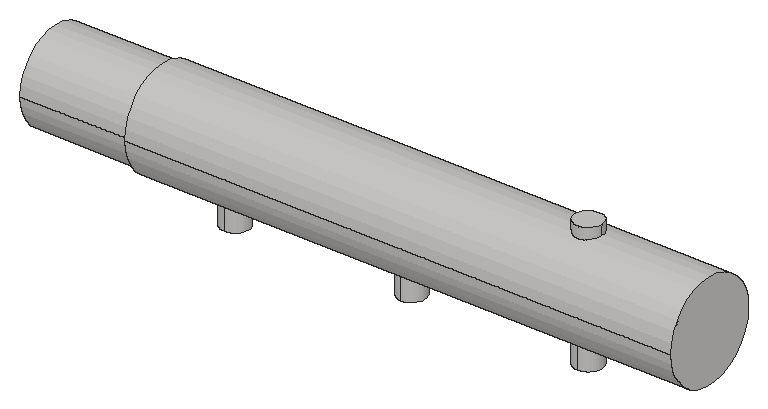
Revit family "BIMLIB_Коллектор_462_3_РОСТерм", category Оборудование, Revit 2017
Family settings
  Размер круглого соединителя = Использовать диаметр
  Тип детали = Нормальный
  На основе рабочей плоскости = Нет
  Всегда вертикально = Да
  При загрузке вырезать с полостями = Нет
  Общий = Нет
  Точка расчета площади = Нет
Parameters (values of type "Коллектор HEIZEN 462 Ду50 на 3 выхода")
  РТ_Шаг = 100 mm
  РТ_l = 100 mm  # constant formula
  РТ_R1 = РТ_R + 5 mm  # 32 mm
  РТ_R = 27 mm
  РТ_R_низ = РТ_DN_низ / 2  # 7.5 mm
  РТ_DN3 = 15 mm  # constant formula
  Описание = "Коллекторы Heizen изготовлены из высококачественной латуни и нержавеющей стали, что исключает риск протечек. Коллекторы могут быть оснащены различными видами арматуры: ручными балансировочными клапанами,ручными запорными клапанами, термостатическими клапанами, расходомерами, воздухоотводчиками и дренажными кранами."
  РТ_DN_низ = 15 mm  # constant formula
  РТ_DN_бок = 50 mm
  Изготовитель = "РОСТерм"  # constant formula
  URL = "http://rostherm.ru/"
  BL_Разработано = "support@bimlib.ru"  # constant formula
  BL_Email = "rostherm@bimlib.ru"  # constant formula
  BL_BIM library = "https://bimlib.pro/manufacturer/rosterm/1632/"
  ADSK_Расход жидкости [instance] = 0.0 L/s
  ADSK_Примечание = ""
  ADSK_Позиция = ""
  ADSK_Обозначение = "ГОСТ 12.2.063-2015"  # constant formula
  ADSK_Наименование краткое = "HEIZEN 462 Ду50"
  ADSK_Наименование = "Коллектор HEIZEN 462 для систем отопения, горячего и холодного водоснабжения сварной Ду50 на 3 выхода"
  ADSK_Материал = BIMLIB_Нержавеющая_сталь_РОСТерм
  ADSK_Масса_Текст = ""
  ADSK_Масса = 0
  ADSK_Марка = "HEIZEN 462"  # constant formula
  ADSK_Код изделия = "462-50-10-03"
  ADSK_Завод-изготовитель = "Heizen"  # constant formula
  ADSK_Единица измерения = "шт."  # constant formula
  ADSK_Версия Revit = "2017"  # constant formula
  ADSK_URL страницы изделия = "http://rostherm.ru/kollektory/"
  ADSK_URL документации изделия = "http://rostherm.ru/"
Types (4, lengths in mm): name | РТ_R1 | РТ_R | РТ_DN_бок | ADSK_Наименование краткое | ADSK_Наименование | ADSK_Код изделия
  Коллектор HEIZEN 462 Ду50 на 3 выхода | 32 | 27 | 50 | "HEIZEN 462 Ду50" | "Коллектор HEIZEN 462 для систем отопения, горячего и холодного водоснабжения сварной Ду50 на 3 выхода" | "462-50-10-03"
  Коллектор HEIZEN 462 Ду40 на 3 выхода | 27 | 22 | 40 | "HEIZEN 462 Ду40" | "Коллектор HEIZEN 462 для систем отопения, горячего и холодного водоснабжения сварной Ду40 на 3 выхода" | "462-40-10-03"
  Коллектор HEIZEN 462 Ду32 на 3 выхода | 23 | 18 | 32 | "HEIZEN 462 Ду32" | "Коллектор HEIZEN 462 для систем отопения, горячего и холодного водоснабжения сварной Ду32 на 3 выхода" | "462-32-10-03"
  Коллектор HEIZEN 462 Ду25 на 3 выхода | 20 | 15 | 25 | "HEIZEN 462 Ду25" | "Коллектор HEIZEN 462 для систем отопения, горячего и холодного водоснабжения сварной Ду25 на 3 выхода" | "462-25-10-03"
Reference planes
  plane 1 "По центру (Вперед/Назад)": y = 0
  plane 2: z = 0
  plane 3 "По центру (Влево/Вправо)": x = 0
  plane 4: x = 100
  plane 5: x = 1185
  plane 6: x = 60
  plane 7: z = 32
Forms (mm)
  Extrusion 1, solid, material "BIMLIB_Нержавеющая_сталь_РОСТерм" <- "ADSK_Материал", detail levels medium+fine
    sketch origin (65, 0, 0) x (0, 1, 0) y (0, 0, 1)
      loop
        circle (0, 0) r 27
    from -5 to 300
  Sweep 2, solid, material "BIMLIB_Нержавеющая_сталь_РОСТерм" <- "ADSK_Материал", detail levels medium+fine
    path origin (65, 0, 7.5) x (1, 0, 0) y (0, 0, 1)
      loop
        line (35, -7.5) -> (35, -47.5)
    profile origin (100, 0, -20) x (0, -1, 0) y (1, 0, 0)
      loop
        circle (0, 0) r 7.5
  Sweep 3, solid, material "BIMLIB_Нержавеющая_сталь_РОСТерм" <- "ADSK_Материал", detail levels medium+fine
    path origin (163.636, 0, 7.5) x (1, 0, 0) y (0, 0, 1)
      loop
        line (35, -7.5) -> (35, -47.5)
    profile origin (198.636, 0, -20) x (0, -1, 0) y (1, 0, 0)
      loop
        circle (0, 0) r 7.5
  Sweep 4, solid, material "BIMLIB_Нержавеющая_сталь_РОСТерм" <- "ADSK_Материал", detail levels medium+fine
    path origin (262.273, 0, 7.5) x (1, 0, 0) y (0, 0, 1)
      loop
        line (35, -7.5) -> (35, -47.5)
    profile origin (297.273, 0, -20) x (0, -1, 0) y (1, 0, 0)
      loop
        circle (0, 0) r 7.5
  Extrusion 5, solid, material "BIMLIB_Нержавеющая_сталь_РОСТерм" <- "ADSK_Материал", detail levels medium+fine
    sketch origin (50, 0, 0) x (0, 1, 0) y (0, 0, 1)
      loop
        circle (0, 0) r 25
    from -50 to 10
  Extrusion 6, solid, material "BIMLIB_Нержавеющая_сталь_РОСТерм" <- "ADSK_Материал", detail levels medium+fine
    sketch origin (-887.727, 0, 0) x (1, 0, 0) y (0, 1, 0)
      loop
        circle (1185, 0) r 7.5
    from 0 to 32
Lines and regions (mm)
  model lines, detail levels coarse
    curve 1: line (0, 0, 0) -> (365, 0, 0)
    curve 2: line (100, 0, 0) -> (100, 0, -40)
    curve 3: line (198.636, 0, 0) -> (198.636, 0, -40)
    curve 4: line (297.273, 0, 0) -> (297.273, 0, -40)
Dimensions and locks
  "РТ_l": plane 4 to plane 3 "По центру (Влево/Вправо)"
  Sweep 2 sketch curve to Sweep 2 sketch curve = 40 mm
  Sweep 3 sketch curve to Sweep 3 sketch curve = 40 mm
  Sweep 4 sketch curve to Sweep 4 sketch curve = 40 mm
  locked: plane 4 to plane 6 at 40
  "РТ_R1": plane 7 to level
  "РТ_R": radius of Extrusion 1 sketch curve
  "РТ_R_низ": radius of Sweep 2 sketch curve
  "РТ_R_низ": radius of Sweep 3 sketch curve
  "РТ_R_низ": radius of Sweep 4 sketch curve
  "РТ_DN_бок": diameter of Extrusion 5 sketch curve
  "РТ_DN_низ": diameter of Extrusion 6 sketch curve
  aligned and locked: level to plane 2
  aligned and locked: Extrusion 1 to plane 6
  aligned and locked: Extrusion 5 to plane 3 "По центру (Влево/Вправо)"
  aligned and locked: Extrusion 5 to Extrusion 1
  aligned and locked: plane 7 to Extrusion 6
  aligned and locked: curve 1 to Extrusion 1
Automatic sketch dimensions
  Sweep 2 sketch curve to profile plane = 0 mm
  profile plane to Sweep 2 sketch curve = 0 mm
  Sweep 3 sketch curve to profile plane = 0 mm
  profile plane to Sweep 3 sketch curve = 0 mm
  Sweep 4 sketch curve to profile plane = 0 mm
  profile plane to Sweep 4 sketch curve = 0 mm
  Extrusion 1 sketch curve to level = 0 mm
  Extrusion 1 sketch curve to plane 1 "По центру (Вперед/Назад)" = 0 mm
  curve 1 to plane 3 "По центру (Влево/Вправо)" = 0 mm
  curve 2 to plane 4 = 0 mm
  curve 2 to curve 3 = 98.636 mm
  curve 3 to curve 4 = 98.636 mm
  curve 4 to curve 1 = 67.727 mm
  curve 4 to curve 4 = 40 mm
  curve 2 to curve 2 = 40 mm
  curve 3 to curve 3 = 40 mm
  plane 1 "По центру (Вперед/Назад)" to Extrusion 6 sketch curve = 0 mm
  plane 4 to Extrusion 6 sketch curve = 197.273 mm
  Extrusion 5 sketch curve to level = 0 mm
  Extrusion 5 sketch curve to plane 1 "По центру (Вперед/Назад)" = 0 mm
Connectors
  piping at (100, 0, -40), diameter 15, driven by "РТ_DN_низ", driven by "ADSK_Расход жидкости"
    settings: on Sweep 2, index 3, connector inside diameter 609.6 mm, connector length 0 mm, flow factor 0, pipe flow 0.0 L/s, pressure drop 0.0 Pa, fitting loss kfactor 0, connector angle 0.00°, fixture units 0, engagement length 0 mm, angle of deflection 0.00°, flow configuration 0, flow direction 2, fitting loss method 0, system type 7, joint type 0, gender type 0, connector reference index -1, connector utility 0, adjustable connector no, is connector primary yes, connector description ""
  piping at (198.636, 0, -40), diameter 15, driven by "РТ_DN_низ", driven by "ADSK_Расход жидкости"
    settings: on Sweep 3, index 4, connector inside diameter 609.6 mm, connector length 0 mm, flow factor 0, pipe flow 0.0 L/s, pressure drop 0.0 Pa, fitting loss kfactor 0, connector angle 0.00°, fixture units 0, engagement length 0 mm, angle of deflection 0.00°, flow configuration 0, flow direction 2, fitting loss method 0, system type 7, joint type 0, gender type 0, connector reference index -1, connector utility 0, adjustable connector no, is connector primary no, connector description ""
  piping at (297.273, 0, -40), diameter 15, driven by "РТ_DN_низ", driven by "ADSK_Расход жидкости"
    settings: on Sweep 4, index 5, connector inside diameter 609.6 mm, connector length 0 mm, flow factor 0, pipe flow 0.0 L/s, pressure drop 0.0 Pa, fitting loss kfactor 0, connector angle 0.00°, fixture units 0, engagement length 0 mm, angle of deflection 0.00°, flow configuration 0, flow direction 2, fitting loss method 0, system type 7, joint type 0, gender type 0, connector reference index -1, connector utility 0, adjustable connector no, is connector primary no, connector description ""
  piping at (0, 0, 0), diameter 50, driven by "РТ_DN_бок", driven by "ADSK_Расход жидкости"
    settings: on Extrusion 5, index 38, connector inside diameter 609.6 mm, connector length 0 mm, flow factor 0, pipe flow 0.0 L/s, pressure drop 0.0 Pa, fitting loss kfactor 0, connector angle 0.00°, fixture units 0, engagement length 0 mm, angle of deflection 0.00°, flow configuration 0, flow direction 1, fitting loss method 0, system type 7, joint type 0, gender type 0, connector reference index -1, connector utility 0, adjustable connector no, is connector primary no, connector description ""
  piping at (297.273, 0, 32), diameter 15, driven by "РТ_DN3", driven by "ADSK_Расход жидкости"
    settings: on Extrusion 6, index 39, connector inside diameter 609.6 mm, connector length 0 mm, flow factor 0, pipe flow 0.0 L/s, pressure drop 0.0 Pa, fitting loss kfactor 0, connector angle 0.00°, fixture units 0, engagement length 0 mm, angle of deflection 0.00°, flow configuration 0, flow direction 0, fitting loss method 0, system type 29, joint type 0, gender type 0, connector reference index -1, connector utility 0, adjustable connector no, is connector primary no, connector description ""
